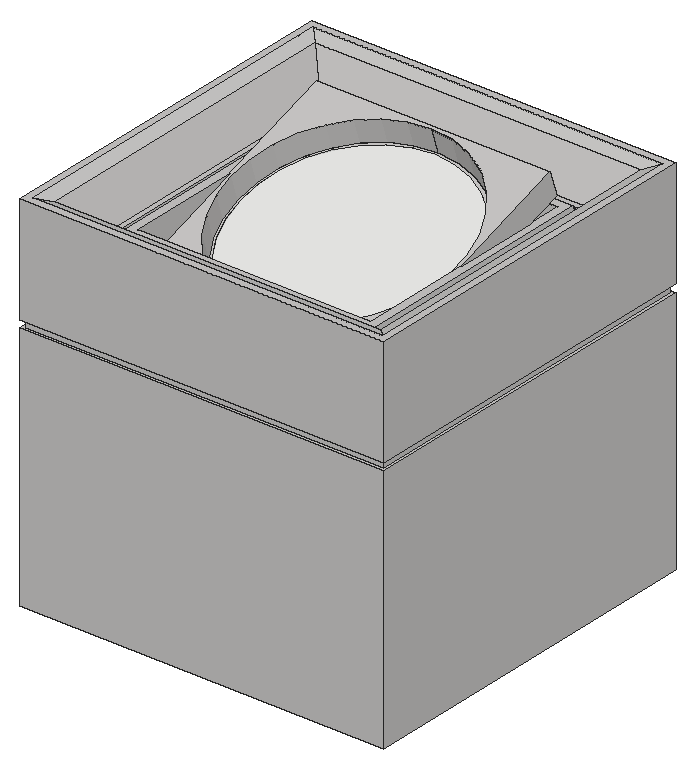
Revit family "Lighting-Luminii-Leto_44_Plus_S_A_SML new", category Lighting Fixtures, host Face, Revit 2020
Family settings
  Host = Face
  Round Connector Dimension = Use Diameter
  Part Type = Normal
  OmniClass Number = 23.80.70.11.14.11
  OmniClass Title = Downlights
  Cut with Voids When Loaded = No
  Light Source = Yes
  Shared = Yes
  Room Calculation Point = No
Parameters (values of type "Leto 44 Plus S A SML")
  Width = 0' - 5 73/128"  # constant formula
  Wattage Comments = "6.5W"
  Wattage = 6.49954 W
  Warranty URL = "https://www.luminii.com/terms-conditions/"
  built-in parameter 1150110 = 1 (stored number, unit not read)
  Voltage Comments = "120V | 277V | 347V"  # constant formula
  Voltage = 120 V
  Version = "2020 - v1.0a"  # constant formula
  URL = "https://www.luminii.com/"
  built-in parameter 1114217 = 1 (stored number, unit not read)
  Tilt Angle = -90.00°  # constant formula
  built-in parameter 1150109 = 1 (stored number, unit not read)
  built-in parameter 1150134 = (empty or 0)
  built-in parameter 1150113 = 1 (stored number, unit not read)
  Support Phone = "224-699-9545"  # constant formula
  Support Email = "mailto:support@bimsmith.com"
  Product Page URL = "https://www.luminii.com/product/leto-44-plus-s-a-sml/"
  Power Source Type = "Driver"  # constant formula
  Power Factor = 1
  Photometric Web File = "708A-A90-618-35-10-DL.ies"
  Phase = 1
  Operating Temperature = "Consult Manufacturer Website for more Information"  # constant formula
  Number of Poles = if(and(or(Voltage = 120 V, Voltage = 277 V), Phase = 1), 1, if(and(or(Voltage = 208 V, Voltage = 240 V), Phase = 1), 2, if(and(or(Voltage = 208 V, Voltage = 240 V), Phase = 3), 3, if(and(Voltage > 300 V, Phase = 1), 2, if(and(Voltage > 400 V, Phase = 3), 3, 1)))))  # 1
  Mounting Method = "Ceiling Mount"  # constant formula
  Model = "714A"  # constant formula
  Manufacturer Phone Number = "403-216-7043"  # constant formula
  Manufacturer Email = "mailto: info@sensolighting.com"
  Manufacturer Address = "302 50 Ave SE. Calgary, Alberta, T2G 2A9 Canada"  # constant formula
  Manufacturer = "Luminii"  # constant formula
  built-in parameter 1150105 = 55.704 (stored number, unit not read)
  Lumens = 700 lm
  Luminaire Type = "Surface Mount Asymmetric LED Downlight"  # constant formula
  built-in parameter 1150115 = 1 (stored number, unit not read)
  Load Classification = Lighting
  built-in parameter 1150137 = (empty or 0)
  built-in parameter 1150139 = (empty or 0)
  Lens Material = Plastic - Luminii - Frosted Lens
  built-in parameter 1150112 = 1 (stored number, unit not read)
  built-in parameter 1150114 = 1 (stored number, unit not read)
  Lamp Life = 1
  Lamp = "LED"  # constant formula
  Keynote = "26 50 00"
  built-in parameter 1150132 = 2
  built-in parameter 1150102 = (empty or 0)
  built-in parameter 1150107 = 3500 (stored number, unit not read)
  Initial Color Comments = "Perfomance based on 3500K Photometric Web File"  # constant formula
  built-in parameter 1150138 = (empty or 0)
  built-in parameter 1150106 = 0.55704 (stored number, unit not read)
  Housing Protection Rating = "Consult Manufacturer Website for more Information"  # constant formula
  Height = 0' - 5 73/128"  # constant formula
  Has Dimming = 1 = 1  # yes
  Has Battery Backup = 0 = 1  # no
  Frequency Comments = ""  # constant formula
  Frequency = 60 Hz
  Finish = Metal - Luminii - Silver Anodized Aluminum
  Environment = "Indoor"  # constant formula
  built-in parameter 1150104 = 10.006 (stored number, unit not read)
  Dimming Type = "Consult Manufacturer Website for more Information"  # constant formula
  Dimming Lamp Color Temperature Shift = <None>
  Description = "Surface Mount Asymmetric LED Downlight"  # constant formula
  Depth = 0' - 5 73/128"  # constant formula
  Default Elevation = 0' - 0"  # constant formula
  Current Amps = 50 A
  Copyright = "©2024 Luminii"  # constant formula
  Control Zone = "Consult Manufacturer Website for more Information"  # constant formula
  Control Type = "Consult Manufacturer Website for more Information"  # constant formula
  Constraints = 1  # constant formula
  Color Filter = 16777215
  built-in parameter 1114216 [instance] = 0  # (empty or 0)
  Canopy Finish = Metal - Luminii - Silver Anodized Aluminum
  built-in parameter 1140040 [instance] = 1 = 1  # 1
  CCT = "3500K"
  C Canopy Offset [instance] = 0' - 2 9/32"  # constant formula
  built-in parameter 1114218 = 1 (stored number, unit not read)
  built-in parameter 1150133 = 10 (stored number, unit not read)
  Assembly Code = "D5020200"
  Apparent Load = Wattage / Power Factor  # 6.49954 VA
Reference planes (in)
  plane 1 "Center (Front/Back)": y = 0
  plane 2: z = 0
  plane 3 "Center (Left/Right)": x = 0
  plane 4: x = 0
  plane 5: x = 0
  plane 6: y = 3.70117
  plane 7: y = -1.86914
  plane 8 "A": z = 0
  plane 9: z = 5.57031
Forms (in)
  Extrusion 1, solid, material "Metal - Luminii - Silver Anodized Aluminum", not visible
    sketch origin (0, 0, 0) x (1, 0, 0) y (0, 1, 0)
      loop
        circle (0, 0) r 0.5
    from 0 to -0.17225
Dimensions and locks (in)
  equal spacing: plane 4, plane 3 "Center (Left/Right)", plane 5
  plane 6 to plane 1 "Center (Front/Back)" to plane 7 = 0' - 3.70117", 0' - 1.86914"
  plane 4 to plane 5 = 0' - 0"
  "Width": plane 6 to plane 7
  "Height": plane 9 to plane 8 "A"
  locked: plane 9 to imposter light at 0.89373
  aligned and locked: plane 2 to host face
  aligned and locked: plane 3 "Center (Left/Right)" to Extrusion 1 sketch curve
  aligned and locked: plane 1 "Center (Front/Back)" to Extrusion 1 sketch curve
  aligned and locked: plane 2 to Extrusion 1  (x2)
  aligned and locked: imposter light to plane 3 "Center (Left/Right)"
  aligned and locked: imposter light to plane 1 "Center (Front/Back)"
  aligned and locked: plane 3 "Center (Left/Right)" to nested 1
  aligned and locked: plane 1 "Center (Front/Back)" to nested 1
  aligned and locked: plane 8 "A" to host face
Automatic sketch dimensions
  host sketch curve to host sketch curve = 8' - 0"  (x2)
  radius of Extrusion 1 sketch curve = 0' - 0 1/2"
Nested families (in)
  nested 1: "Nested - Lamp" at (0, 0, 0), type "Nested - Lamp"
Connectors (in)
  electrical at (0, 0, 0), driven by "Number of Poles", driven by "Load Classification", driven by "Voltage", driven by "Apparent Load", driven by "Power Factor"
    settings: on Extrusion 1, index 1, voltage 120 V, apparent load 6.49954 VA, apparent load phase1 0 VA, apparent load phase2 0 VA, apparent load phase3 0 VA, power factor 1, load classification "Lighting", number of poles 1, system type 30, power factor state 1, is connector primary yes, connector utility no, sub classification motor no, connector description "Power Connection"
Definition of nested family "Nested - Lamp"
  Parameters (values of type "Nested - Lamp")
    Width = 0' - 5.57087"  # constant formula
    Screen Material = none
    Inner Screen = none
    Height = 0' - 6.49606"  # constant formula
    Finish = none
    Default Elevation = 4' - 0"
    Constraint = 3
  Reference planes (in)
    plane 1 "Center (Front/Back)": y = 0
    plane 2: z = 0
    plane 3 "Center (Left/Right)": x = 0
    plane 4: y = 2.78543
    plane 5: y = -2.78543
    plane 6: x = -2.78543
    plane 7: x = 2.78543
  Forms (in)
    Extrusion 1, solid
      sketch origin (0, 0, 0) x (1, 0, 0) y (0, 1, 0)
        loop
          line (-48, 48) -> (-48, -48) -> (48, -48) -> (48, 48) -> (-48, 48)
      from 0 to -12
    Sweep 2, solid, material <- "Finish", detail levels medium+fine
      path origin (-0.03362, 1.25, 6.49606) x (0, 1, 0) y (-1, 0, 0)
        loop
          line (1.53543, -2.81906) -> (1.53543, 2.75181) -> (-4.03543, 2.75181) -> (-4.03543, -2.81906) -> (1.53543, -2.81906)
      profile origin (2.78543, 0, 6.49606) x (1, 0, 0) y (0, 0, 1)
        loop
          line (0, -6.49606) -> (0, -2.69685) -> (-0.04724, -2.69685) -> (-0.04724, -2.57874) -> (0, -2.57874) -> (0, -0.9252) -> (-0.10635, -0.9252) -> (-0.30013, -0.99573) -> (-0.62144, -1.55512) -> (-0.71063, -1.55512) -> (-0.7348, -1.83138)
          arc (-0.7348, -1.83138) -> (-0.77582, -1.8724) -> (-0.81683, -1.83138) r 0.04102
          line (-0.81683, -1.83138) -> (-0.87226, -1.43701) -> (-0.99999, -1.43701) -> (-0.99999, -2.05919) -> (-0.21654, -2.05919) -> (-0.21654, -6.29921) -> (-0.07874, -6.29921) -> (-0.07874, -6.49606) -> (0, -6.49606)
    Extrusion 3, solid, material <- "Screen Material"
      sketch origin (0, 0.10595, 4.53579) x (1, 0, 0) y (0, 0.951057, 0.309017)
        loop
          circle (0, 0) r 1.68742
      from 0.14567 to 0.15757
    Extrusion 4, solid, material <- "Finish"
      sketch origin (1.59205, 1.89421, 4.18406) x (0, -0.951057, -0.309017) y (1, 0, 0)
        loop
          circle (1.59205, -1.59205) r 1.73767
        loop
          line (-0.19339, -3.37749) -> (3.37749, -3.37749) -> (3.37749, 0.19339) -> (-0.19339, 0.19339) -> (-0.19339, -3.37749)
      from 1.03279 to 1.42717
    Extrusion 5, solid, material <- "Finish"
      sketch origin (1.59205, 1.42603, 5.62498) x (0, -0.951057, -0.309017) y (1, 0, 0)
        loop
          circle (1.59205, -1.59205) r 1.73767
      from -0.48228 to -0.62795
    Extrusion 6, solid, material <- "Finish"
      sketch origin (-0.03362, 1.25, 8.28705) x (0, 1, 0) y (-1, 0, 0)
        loop
          line (-3.97638, -2.76) -> (1.47638, -2.76) -> (1.47638, 2.69275) -> (-3.97638, 2.69275) -> (-3.97638, -2.76)
        loop
          line (-3.02788, -0.34859) -> (-1.87992, -0.34859)
          arc (-1.87992, -0.34859) -> (-1.65721, -0.44084) -> (-1.56496, -0.66355) r 0.31496
          line (-1.56496, -0.66355) -> (-1.56496, -1.80493)
          arc (-1.56496, -1.80493) -> (-1.25, -2.11989) -> (-0.93504, -1.80493) r 0.31496
          line (-0.93504, -1.80493) -> (-0.93504, -0.66355)
          arc (-0.93504, -0.66355) -> (-0.84279, -0.44084) -> (-0.62008, -0.34859) r 0.31496
          line (-0.62008, -0.34859) -> (0.5213, -0.34859)
          arc (0.5213, -0.34859) -> (0.83626, -0.03362) -> (0.5213, 0.28134) r 0.31496
          line (0.5213, 0.28134) -> (-0.62008, 0.28134)
          arc (-0.62008, 0.28134) -> (-0.84279, 0.37359) -> (-0.93504, 0.5963) r 0.31496
          line (-0.93504, 0.5963) -> (-0.93504, 1.74425)
          arc (-0.93504, 1.74425) -> (-1.25, 2.05921) -> (-1.56496, 1.74425) r 0.31496
          line (-1.56496, 1.74425) -> (-1.56496, 0.5963)
          arc (-1.56496, 0.5963) -> (-1.65721, 0.37359) -> (-1.87992, 0.28134) r 0.31496
          line (-1.87992, 0.28134) -> (-3.02788, 0.28134)
          arc (-3.02788, 0.28134) -> (-3.34284, -0.03362) -> (-3.02788, -0.34859) r 0.31496
      from -8.1649 to -8.0902
    Extrusion 7, solid, material <- "Finish"
      sketch origin (-0.03362, 1.25, 8.28705) x (0, 1, 0) y (-1, 0, 0)
        loop
          line (-3.97638, -2.76) -> (1.47638, -2.76) -> (1.47638, 2.69275) -> (-3.97638, 2.69275) -> (-3.97638, -2.76)
        loop
          arc (-2.46239, 0.53411) -> (-2.58874, -0.03362) -> (-2.46239, -0.60136) r 1.33874
          arc (-2.46239, -0.60136) -> (-2.3038, -0.65359) -> (-2.2511, -0.49516) r 0.11824
          arc (-2.2511, -0.49516) -> (-2.35236, -0.03034) -> (-2.24833, 0.43387) r 1.10236
          arc (-2.24833, 0.43387) -> (-2.30676, 0.58778) -> (-2.46239, 0.53411) r 0.11824
        loop
          arc (-0.03761, 0.53411) -> (-0.19324, 0.58778) -> (-0.25167, 0.43387) r 0.11824
          arc (-0.25167, 0.43387) -> (-0.14764, -0.03034) -> (-0.2489, -0.49516) r 1.10236
          arc (-0.2489, -0.49516) -> (-0.1962, -0.65359) -> (-0.03761, -0.60136) r 0.11824
          arc (-0.03761, -0.60136) -> (0.08874, -0.03362) -> (-0.03761, 0.53411) r 1.33874
        loop
          arc (-0.68227, -1.24602) -> (-0.6286, -1.09038) -> (-0.78251, -1.03195) r 0.11824
          arc (-0.78251, -1.03195) -> (-1.24671, -1.13598) -> (-1.71153, -1.03472) r 1.10236
          arc (-1.71153, -1.03472) -> (-1.86997, -1.08742) -> (-1.81773, -1.24602) r 0.11824
          arc (-1.81773, -1.24602) -> (-1.25, -1.37236) -> (-0.68227, -1.24602) r 1.33874
        loop
          arc (-0.68227, 1.17877) -> (-1.25, 1.30511) -> (-1.81773, 1.17877) r 1.33874
          arc (-1.81773, 1.17877) -> (-1.86997, 1.02017) -> (-1.71153, 0.96747) r 0.11824
          arc (-1.71153, 0.96747) -> (-1.24671, 1.06873) -> (-0.78251, 0.9647) r 1.10236
          arc (-0.78251, 0.9647) -> (-0.6286, 1.02313) -> (-0.68227, 1.17877) r 0.11824
      from -7.81461 to -7.75481
    Sweep 8, solid, material <- "Finish", detail levels coarse
      path origin (-0.03362, 1.25, 6.49606) x (0, 1, 0) y (-1, 0, 0)
        loop
          line (1.53543, -2.81906) -> (1.53543, 2.75181) -> (-4.03543, 2.75181) -> (-4.03543, -2.81906) -> (1.53543, -2.81906)
      profile origin (2.78543, 0, 6.49606) x (1, 0, 0) y (0, 0, 1)
        loop
          line (0, -6.49606) -> (0, -0.9252) -> (-0.10635, -0.9252) -> (-0.30013, -0.99573) -> (-0.5536, -1.43701) -> (-0.99999, -1.43701) -> (-0.99999, -2.05919) -> (-0.21654, -2.05919) -> (-0.21654, -6.29921) -> (-0.07874, -6.29921) -> (-0.07874, -6.49606) -> (0, -6.49606)
    Extrusion 9, solid
      sketch origin (-0.03362, 1.25, 0.47244) x (-1, 0, 0) y (0, 1, 0)
        loop
          circle (-0.94898, 0.84646) r 0.23
      from 0 to 0.05
  Lines and regions (in)
    reference lines
      curve 1: line (0, 0.37991, 4.86187) -> (0, -0.01379, 4.86187)
  Dimensions and locks (in)
    equal spacing: plane 4, plane 1 "Center (Front/Back)", plane 5
    "Width": plane 4 to plane 5
    equal spacing: plane 6, plane 3 "Center (Left/Right)", plane 7
    "Width": plane 6 to plane 7
    aligned and locked: plane 2 to Extrusion 1
    aligned and locked: level to Extrusion 1
    aligned and locked: Sweep 2 sketch curve to plane 7
    aligned and locked: Sweep 2 sketch curve to plane 6
    aligned and locked: Sweep 2 sketch curve to plane 4
    aligned and locked: Sweep 2 sketch curve to plane 5
  Automatic sketch dimensions
    Extrusion 1 sketch curve to Extrusion 1 sketch curve = 8' - 0"  (x2)
    profile plane to Sweep 2 sketch curve = 0' - 0"  (x2)
    Sweep 2 sketch curve to Sweep 2 sketch curve = 0' - 0.04724"
    Sweep 2 sketch curve to Sweep 2 sketch curve = 0' - 0.07874"
    profile plane to Sweep 2 sketch curve = 0' - 0.10635"
    Sweep 2 sketch curve to Sweep 2 sketch curve = 0' - 0.1378"
    Sweep 2 sketch curve to Sweep 2 sketch curve = 0' - 0.19378"
    profile plane to Sweep 2 sketch curve = 0' - 0.62144"
    Sweep 2 sketch curve to Sweep 2 sketch curve = 0' - 0.08919"
    Sweep 2 sketch curve to Sweep 2 sketch curve = 0' - 0.02417"
    Sweep 2 sketch curve to Sweep 2 sketch curve = 0' - 0.04102"
    Sweep 2 sketch curve to Sweep 2 sketch curve = 0' - 0.16163"
    Sweep 2 sketch curve to Sweep 2 sketch curve = 0' - 0.18316"
    Sweep 2 sketch curve to profile plane = 0' - 6.49606"
    Sweep 2 sketch curve to Sweep 2 sketch curve = 0' - 0.19685"
    Sweep 2 sketch curve to profile plane = 0' - 2.69685"
    Sweep 2 sketch curve to Sweep 2 sketch curve = 0' - 0.11811"  (x2)
    Sweep 2 sketch curve to Sweep 2 sketch curve = 0' - 0 133/256"
    Sweep 2 sketch curve to Sweep 2 sketch curve = 0' - 0.22781"
    Sweep 2 sketch curve to Sweep 2 sketch curve = 0' - 0.27626"
    Sweep 2 sketch curve to Sweep 2 sketch curve = 0' - 0.55939"
    Sweep 2 sketch curve to Sweep 2 sketch curve = 0' - 0.07053"
    Extrusion 6 sketch curve to plane 3 "Center (Left/Right)" = 0' - 0"  (x2)
    plane 1 "Center (Front/Back)" to Extrusion 6 sketch curve = 0' - 0"  (x2)
    Extrusion 6 sketch curve to Extrusion 6 sketch curve = 0' - 0.31496"  (x5)
    plane 1 "Center (Front/Back)" to Extrusion 6 sketch curve = 0' - 0.31496"
    Extrusion 6 sketch curve to plane 3 "Center (Left/Right)" = 0' - 0.31496"  (x2)
    Extrusion 6 sketch curve to plane 5 = 0' - 1.00756"
    Extrusion 6 sketch curve to plane 5 = 0' - 0.05906"
    Extrusion 6 sketch curve to plane 4 = 0' - 1.01413"
    Extrusion 6 sketch curve to plane 4 = 0' - 0.05906"
    Extrusion 6 sketch curve to plane 7 = 0' - 1.01413"
    Extrusion 6 sketch curve to plane 7 = 0' - 0.05906"
    Extrusion 6 sketch curve to plane 6 = 0' - 1.00756"
    Extrusion 6 sketch curve to plane 6 = 0' - 0.05906"
    Extrusion 7 sketch curve to Extrusion 7 sketch curve = 0' - 0"  (x56)
    plane 1 "Center (Front/Back)" to Extrusion 7 sketch curve = 0' - 0"
    Extrusion 7 sketch curve to plane 3 "Center (Left/Right)" = 0' - 0"
    plane 1 "Center (Front/Back)" to Extrusion 7 sketch curve = 0' - 0.51432"  (x2)
    Extrusion 7 sketch curve to plane 3 "Center (Left/Right)" = 0' - 0.51432"  (x2)
    Extrusion 7 sketch curve to Extrusion 7 sketch curve = 0' - 0.59258"  (x8)
    plane 3 "Center (Left/Right)" to Extrusion 7 sketch curve = 0' - 0.51432"  (x2)
    Extrusion 7 sketch curve to plane 5 = 0' - 0.05906"
    Extrusion 7 sketch curve to plane 1 "Center (Front/Back)" = 0' - 0.51432"  (x2)
    Extrusion 7 sketch curve to plane 4 = 0' - 0.05906"
    Extrusion 7 sketch curve to plane 7 = 0' - 0.05906"
    Extrusion 7 sketch curve to plane 6 = 0' - 0.05906"
    Extrusion 7 sketch curve to Extrusion 7 sketch curve = 0' - 0.05279"  (x2)
    Extrusion 7 sketch curve to Extrusion 7 sketch curve = 0' - 0.05342"  (x4)
    Extrusion 7 sketch curve to Extrusion 7 sketch curve = 0' - 0.10858"  (x2)
    Extrusion 7 sketch curve to Extrusion 7 sketch curve = 0' - 0.10581"  (x2)
    Extrusion 7 sketch curve to Extrusion 7 sketch curve = 0' - 0.10549"  (x4)
    Extrusion 7 sketch curve to Extrusion 7 sketch curve = 0' - 0.04683"  (x2)
    plane 5 to Sweep 8 sketch curve = 0' - 0"
    Sweep 8 sketch curve to plane 4 = 0' - 0"
    Sweep 8 sketch curve to plane 7 = 0' - 0"
    Sweep 8 sketch curve to plane 6 = 0' - 0"
    profile plane to Sweep 8 sketch curve = 0' - 0"
    profile plane to Sweep 8 sketch curve = 0' - 0.07874"
    Sweep 8 sketch curve to Sweep 8 sketch curve = 0' - 0.10635"
    Sweep 8 sketch curve to Sweep 8 sketch curve = 0' - 0.1378"
    Sweep 8 sketch curve to Sweep 8 sketch curve = 0' - 0.19378"
    Sweep 8 sketch curve to Sweep 8 sketch curve = 0' - 0.25347"
    Sweep 8 sketch curve to Sweep 8 sketch curve = 0' - 0.44639"
    Sweep 8 sketch curve to profile plane = 0' - 6.49606"
    Sweep 8 sketch curve to Sweep 8 sketch curve = 0' - 0.19685"
    Sweep 8 sketch curve to profile plane = 0' - 2.05919"
    Sweep 8 sketch curve to Sweep 8 sketch curve = 0' - 0.62218"
    Sweep 8 sketch curve to Sweep 8 sketch curve = 0' - 0.44128"
    Sweep 8 sketch curve to Sweep 8 sketch curve = 0' - 0.07053"
    Extrusion 7 to Extrusion 9 sketch curve = 0' - 0.62992"
    Extrusion 7 to Extrusion 9 sketch curve = 0' - 1.81102"
    plane 1 "Center (Front/Back)" to curve 1 = 0' - 0.01379"
    level to curve 1 = 0' - 4.86187"
    curve 1 to plane 1 "Center (Front/Back)" = 0' - 0.37991"
    Extrusion 3 sketch curve to plane 3 "Center (Left/Right)" = 0' - 0"
    Extrusion 4 sketch curve to plane 3 "Center (Left/Right)" = 0' - 0"
    Extrusion 4 sketch curve to plane 6 = 0' - 1"
    Extrusion 4 sketch curve to Extrusion 4 sketch curve = 0' - 1.78544"  (x2)
    Extrusion 4 sketch curve to plane 7 = 0' - 1"
    Extrusion 5 sketch curve to plane 3 "Center (Left/Right)" = 0' - 0"
    radius of Extrusion 9 sketch curve = 0' - 0.23"
    radius of Extrusion 3 sketch curve = 0' - 1.68742"
    radius of Extrusion 4 sketch curve = 0' - 1.73767"
    radius of Extrusion 5 sketch curve = 0' - 1.73767"
